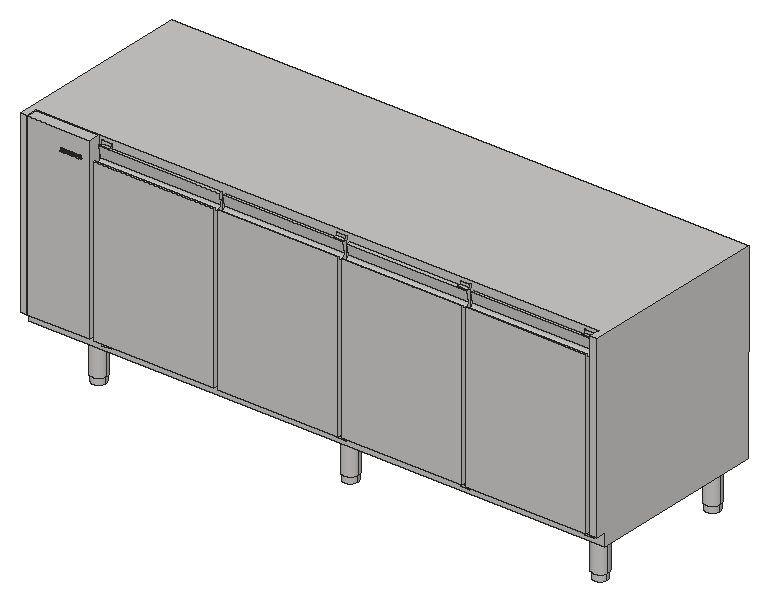
Revit family "QF_ALPENINOX_712272_AH4R8AAAA", category Specialty Equipment, Revit 2018
Family settings
  Round Connector Dimension = Use Diameter
  Part Type = Normal
  Work Plane-Based = No
  Always vertical = Yes
  Cut with Voids When Loaded = No
  Shared = No
  Room Calculation Point = No
Parameters
  Weight = 0.00 kg
  Watts = 0.00278709 W
  Volts = 220 V
  URL Manufacturer = "http://www.alpeninox.com/"
  URL = "http://www.alpeninox.com/"
  Steam Supply Size = 0 mm
  Steam Supply Minimum Pressure = 0.0 Pa
  Steam Supply Maximum Pressure = 0.0 Pa
  Steam Pounds per Hour = 0
  Show Logo [instance] = yes
  Show Clearance [instance] = yes
  Refrigeration Suction Line Size = 0 mm
  Refrigeration Liquid Line Size = 0 mm
  Refrigerant Compressor Remote = yes
  Manufacturer = "Alpeninox"
  Phase = 1
  Model = "AH4R8AAAA"
  Length Actual = 2111 mm  # constant formula
  Item Number = "712272"
  Hot Water Size = 0 mm
  Height Actual = 850 mm  # constant formula
  HP = "0 HP"
  Gas Size = 0 mm
  Gas KW = 0
  Gas Input Pressure = 0 W
  Description = "4DOORS REFRIGER.TABLE 590L- NO TOP - REM"
  Depth Actual = 700 mm  # constant formula
  Cycle = 0 Hz
  Condensate Return Size = 0 mm
  Compressed Air Volume = 0.0 L/s
  Compressed Air Size = 0 mm
  Compressed Air Pressure = 0.0 Pa
  Cold Water Size = 0 mm
  Accessory = yes
Reference planes
  plane 1 "Center X": y = 182.5
  plane 2: z = 0
  plane 3 "Center Y": x = 396.5
  plane 4: y = -62.5
  plane 5: y = 451.5
  plane 6 "BACK": y = 532.5
  plane 7 "FRONT": y = -167.5
  plane 8: x = -452
  plane 9: x = 1386
  plane 10: z = 150
  plane 11 "TOP": z = 900
  plane 12: z = 850
  plane 13 "LEFT": x = -659
  plane 14 "RIGHT": x = 1452
  plane 15: x = 471
Forms (mm)
  Extrusion 1, solid, material "QF_Finishes_Stainless Steel"
    sketch origin (396.5, 2, 0) x (0, 1, 0) y (0, 0, 1)
      loop
        line (530.5, 150) -> (530.5, 850) -> (-124.5, 850) -> (-124.5, 150) -> (530.5, 150)
    from -1055.5 to 1055.5
  Extrusion 2, solid, material "QF_Finishes_Stainless Steel"
    sketch origin (-1022.223, -1524, 150) x (-1, 0, 0) y (0, -1, 0)
      loop
        line (-363.223, -1361.5) -> (-388.223, -1361.5) -> (-388.223, -1401.5) -> (-363.223, -1401.5) -> (-363.223, -1361.5)
      loop
        line (-2474.223, -1401.5) -> (-2449.223, -1401.5) -> (-2449.223, -1361.5) -> (-2474.223, -1361.5) -> (-2474.223, -1401.5)
    from 47 to 700
  Extrusion 3, solid, material "QF_Finishes_Stainless Steel"
    sketch origin (0, 0, 900) x (-1, 0, 0) y (0, -1, 0)
      loop
        circle (-965, -94.5) r 8.45
      loop
        circle (-57, -94.5) r 8.45
    from -790.577 to -750
  Extrusion 4, solid, material "QF_Finishes_Stainless Steel"
    sketch origin (0, 0, 0) x (1, 0, 0) y (0, 1, 0)
      loop
        circle (-594, 207.5) r 8.45
    from 127.77 to 150
  Extrusion 5, solid, material "QF_Finishes_Stainless Steel"
    sketch origin (0, 0, 0) x (1, 0, 0) y (0, 1, 0)
      loop
        circle (-578, 162.5) r 4.75
    from 347 to 367
  Extrusion 6, solid, material "QF_Finishes_Stainless Steel"
    sketch origin (0, 0, 0) x (1, 0, 0) y (0, 1, 0)
      loop
        circle (-531, 4.5) r 4
    from 709 to 729
  Extrusion 7, solid, material "QF_Finishes_Stainless Steel"
    sketch origin (0, 0, 0) x (1, 0, 0) y (0, 1, 0)
      loop
        circle (-553, 159.5) r 4
    from 397 to 417
Cuts and joins
  joined: Extrusion 1, Extrusion 2
Lines and regions (mm)
  symbolic lines, style "SpecialityEquipmentHiddenLines"
    curve 1: line (-659, -122.5, 900) -> (1452, -122.5, 900)
    curve 2: line (-396, -162.5, 900) -> (-396, -122.5, 900)
    curve 3: line (-659, 532.5, 900) -> (1452, 532.5, 900)
    curve 4: line (-659, 532.5, 900) -> (-659, -162.5, 900)
    curve 5: line (-659, -162.5, 900) -> (1452, -162.5, 900)
    curve 6: line (1452, -162.5, 900) -> (1452, 532.5, 900)
Dimensions and locks
  locked: plane 6 "BACK" to plane 7 "FRONT" at 700
  equal spacing: plane 6 "BACK", plane 1 "Center X", plane 7 "FRONT"
  locked: plane 6 "BACK" to plane 5 at 81
  plane 10 to level = 150 mm
  plane 11 "TOP" to plane 12 to plane 10 = 50 mm locked, 700 mm locked
  locked: Extrusion 2 sketch curve to Extrusion 2 sketch curve at 25  (x2)
  locked: plane 4 to plane 7 "FRONT" at 105
  locked: plane 6 "BACK" to Extrusion 3 sketch curve at 438  (x2)
  equal spacing: plane 13 "LEFT", plane 3 "Center Y", plane 14 "RIGHT"
  plane 13 "LEFT" to plane 14 "RIGHT" = 2111 mm
  locked: plane 13 "LEFT" to plane 8 at 207
  plane 15 to plane 9 to plane 14 "RIGHT" = 915 mm locked, 66 mm locked
  Extrusion 3 sketch curve to Extrusion 3 sketch curve to plane 14 "RIGHT" = 908 mm locked, 487 mm locked
  plane 6 "BACK" to Extrusion 4 sketch curve = 325 mm
  locked: plane 13 "LEFT" to Extrusion 4 sketch curve at 65
  locked: plane 13 "LEFT" to Extrusion 7 sketch curve at 106
  locked: plane 6 "BACK" to Extrusion 7 sketch curve at 373
  locked: plane 6 "BACK" to Extrusion 5 sketch curve at 370
  locked: plane 13 "LEFT" to Extrusion 5 sketch curve at 81
  plane 13 "LEFT" to Extrusion 6 sketch curve = 128 mm
  plane 6 "BACK" to Extrusion 6 sketch curve = 528 mm
  locked: plane 10 to Extrusion 4 at 22.23
  cut or joined group of Extrusion 1, Extrusion 2 to Extrusion 5 to Extrusion 5 to Extrusion 7 to Extrusion 7 to Extrusion 6 to Extrusion 6 = 197 mm locked, 20 mm locked, 30 mm locked, 20 mm locked, 292 mm locked, 20 mm locked
  aligned and locked: level to plane 2
  aligned and locked: plane 10 to Extrusion 3
  aligned and locked: nested 4 to plane 4
  aligned and locked: nested 1 to plane 4
  aligned and locked: nested 3 to plane 5
  aligned and locked: nested 2 to plane 5
  aligned and locked: plane 8 to nested 1
  aligned and locked: plane 8 to nested 2
  aligned and locked: plane 9 to nested 4
  aligned and locked: plane 9 to nested 3
  aligned and locked: Extrusion 1 to Extrusion 2
  aligned and locked: Extrusion 2 to Extrusion 1
  aligned and locked: Extrusion 2 sketch curve to plane 14 "RIGHT"
  aligned and locked: plane 13 "LEFT" to Extrusion 2 sketch curve
  aligned and locked: cut or joined group of Extrusion 1, Extrusion 2 to plane 10
  aligned and locked: plane 12 to cut or joined group of Extrusion 1, Extrusion 2
  aligned and locked: plane 10 to Extrusion 4
  aligned and locked: nested 8 to plane 7 "FRONT"
  aligned and locked: plane 14 "RIGHT" to nested 8
  aligned and locked: plane 15 to nested 12
  aligned and locked: plane 15 to nested 11
Automatic sketch dimensions
  plane 7 "FRONT" to Extrusion 2 sketch curve = 45 mm  (x2)
  plane 7 "FRONT" to Extrusion 2 sketch curve = 5 mm  (x2)
  Extrusion 1 sketch curve to plane 10 = 0 mm
  Extrusion 1 sketch curve to plane 12 = 0 mm
  Extrusion 1 sketch curve to plane 6 "BACK" = 0 mm
  plane 7 "FRONT" to Extrusion 1 sketch curve = 45 mm
  plane 6 "BACK" to curve 6 = 0 mm
  curve 6 to plane 14 "RIGHT" = 0 mm
  curve 5 to plane 13 "LEFT" = 0 mm
  plane 7 "FRONT" to curve 5 = 5 mm
  plane 8 to curve 2 = 56 mm
  curve 1 to curve 5 = 40 mm
  radius of Extrusion 4 sketch curve = 8.45 mm
  radius of Extrusion 5 sketch curve = 4.75 mm
  radius of Extrusion 7 sketch curve = 4 mm
  radius of Extrusion 3 sketch curve = 8.45 mm  (x2)
  radius of Extrusion 6 sketch curve = 4 mm
Nested families
  nested 1: "Foot_Ø50_H150" at (-452, -62.5, 0), type "Foot_Ø50_H150"
  nested 2: "Foot_Ø50_H150" at (-452, 451.5, 0), type "Foot_Ø50_H150"
  nested 3: "Foot_Ø50_H150" at (1386, 451.5, 0), type "Foot_Ø50_H150"
  nested 4: "Foot_Ø50_H150" at (1386, -62.5, 0), type "Foot_Ø50_H150"
  nested 5: "ALP_Cooling Unit_Remote" at (-518.5, -164.5, 0), Show Logo <- "Show Logo", type "ALP_Cooling Unit_Remote"
  nested 6: "Door" at (285, -164.5, 0), Show Clearance <- "Show Clearance", type "Door"
  nested 7: "Door" at (-169, -164.5, 0) x (-1, 0, 0) z (0, 0, 1), Show Clearance <- "Show Clearance", type "Door"
  nested 8: "Refrigerator" at (1452, -167.5, 900), type "Refrigerator"
  nested 9: "Door" at (739, -164.5, 0), Show Clearance <- "Show Clearance", type "Door"
  nested 10: "Door" at (1193, -164.5, 0), Show Clearance <- "Show Clearance", type "Door"
  nested 11: "Foot_Ø50_H150" at (471, 451.5, 0), type "Foot_Ø50_H150"
  nested 12: "Foot_Ø50_H150" at (471, -62.5, 0), type "Foot_Ø50_H150"
Connectors
  piping at (-594, 207.5, 127.77), diameter 17
    settings: on Extrusion 4, index 1, connector inside diameter 609.6 mm, connector length 0 mm, flow factor 0, pipe flow 0.0 L/s, pressure drop 0.0 Pa, fitting loss kfactor 0, connector angle 0.00°, fixture units 0, engagement length 0 mm, angle of deflection 0.00°, flow configuration 1, flow direction 2, fitting loss method 0, system type 16, joint type 0, gender type 0, connector reference index -1, connector utility 0, adjustable connector no, is connector primary yes, connector description "Drain"
  piping at (-578, 162.5, 347), diameter 2895.6
    settings: on Extrusion 5, index 2, connector inside diameter 609.6 mm, connector length 0 mm, flow factor 0, pipe flow 0.0 L/s, pressure drop 0.0 Pa, fitting loss kfactor 0, connector angle 0.00°, fixture units 0, engagement length 0 mm, angle of deflection 0.00°, flow configuration 1, flow direction 2, fitting loss method 0, system type 8, joint type 0, gender type 0, connector reference index -1, connector utility 0, adjustable connector no, is connector primary no, connector description "Refrigerant Outlet"
  piping at (-553, 159.5, 397), diameter 2438.4
    settings: on Extrusion 7, index 3, connector inside diameter 609.6 mm, connector length 0 mm, flow factor 0, pipe flow 0.0 L/s, pressure drop 0.0 Pa, fitting loss kfactor 0, connector angle 0.00°, fixture units 0, engagement length 0 mm, angle of deflection 0.00°, flow configuration 1, flow direction 1, fitting loss method 0, system type 7, joint type 0, gender type 0, connector reference index -1, connector utility 0, adjustable connector no, is connector primary no, connector description "Refrigerant Inlet"
  electrical at (-531, 4.5, 709)
    settings: on Extrusion 6, index 4, voltage 0 V, apparent load 0 VA, apparent load phase1 0 VA, apparent load phase2 0 VA, apparent load phase3 0 VA, power factor 1, load classification "Altro", number of poles 1, system type 30, power factor state 1, is connector primary yes, connector utility no, sub classification motor no, connector description "Electrical Connection"
  piping at (965, 94.5, 109.423), diameter 17
    settings: on Extrusion 3, index 5, connector inside diameter 609.6 mm, connector length 0 mm, flow factor 0, pipe flow 0.0 L/s, pressure drop 0.0 Pa, fitting loss kfactor 0, connector angle 0.00°, fixture units 0, engagement length 0 mm, angle of deflection 0.00°, flow configuration 1, flow direction 2, fitting loss method 0, system type 16, joint type 0, gender type 0, connector reference index -1, connector utility 0, adjustable connector no, is connector primary no, connector description "Drain"
  piping at (57, 94.5, 109.423), diameter 17
    settings: on Extrusion 3, index 6, connector inside diameter 609.6 mm, connector length 0 mm, flow factor 0, pipe flow 0.0 L/s, pressure drop 0.0 Pa, fitting loss kfactor 0, connector angle 0.00°, fixture units 0, engagement length 0 mm, angle of deflection 0.00°, flow configuration 1, flow direction 2, fitting loss method 0, system type 16, joint type 0, gender type 0, connector reference index -1, connector utility 0, adjustable connector no, is connector primary no, connector description "Drain"
Definition of nested family "Foot_Ø50_H150"
  Reference planes
    plane 1 "Centro (Fronte/Retro)": y = 0
    plane 2: z = 0
    plane 3 "Centro (Sinistra/Destra)": x = 0
    plane 4: z = 150
  Forms (mm)
    Revolve 1, solid
      sketch origin (255.05, 0, 608.09) x (0, 0, 1) y (-1, 0, 0)
        loop
          line (-608.09, 255.05) -> (-608.09, 230.05) -> (-583.09, 230.05) -> (-583.09, 226.05) -> (-458.09, 226.05) -> (-458.09, 255.05) -> (-608.09, 255.05)
        axis (-608.09, 255.05) -> (-458.09, 255.05)
      angle from 0 to 360
  Dimensions and locks
    locked: Revolve 1 sketch curve to Revolve 1 sketch curve at 125
    aligned and locked: level to plane 2
    aligned and locked: plane 4 to Revolve 1 sketch curve
    aligned and locked: Revolve 1 sketch curve to level
    aligned and locked: plane 3 "Centro (Sinistra/Destra)" to Revolve 1 sketch curve
Definition of nested family "ALP_Cooling Unit_Remote"
  Parameters
    Show Logo [instance] = yes
  Reference planes
    plane 1 "FRONT": y = -3
    plane 2: z = 0
    plane 3 "Centro (Sinistra/Destra)": x = 0
    plane 4: z = 150
    plane 5: z = 850
    plane 6: x = -115.5
    plane 7: x = 115.5
  Forms (mm)
    Extrusion 1, solid
      sketch origin (0, 55, 511) x (0, 0, 1) y (0, -1, 0)
        loop
          line (-314, 53) -> (-314, 13) -> (339, 13) -> (339, 53) -> (-314, 53)
      from -115.5 to 115.5
  Lines and regions (mm)
    Split face 1
      outline origin (0, 2, 197) x (0, 0, 1) y (-1, 0, 0)
        loop
          line (622.361, 88.738) -> (620.361, 90.738) -> (551.361, 90.738) -> (549.361, 88.738) -> (549.361, -88.738) -> (551.361, -90.738) -> (620.361, -90.738) -> (622.361, -88.738) -> (622.361, 88.738)
    Split face 2
      outline origin (0, 2, 197) x (0, 0, 1) y (-1, 0, 0)
        loop
          line (617.361, 90.738) -> (617.361, -90.738)
        loop
          line (554.361, 90.738) -> (554.361, -90.738)
    Split face 3
      outline origin (0, 2, 197) x (0, 0, 1) y (-1, 0, 0)
        loop
          line (615.361, 90.738) -> (615.361, -90.738)
        loop
          line (556.361, 90.738) -> (556.361, -90.738)
    Split face 4
      outline origin (0, 2, 197) x (0, 0, 1) y (-1, 0, 0)
        loop
          line (594.861, 71.967) -> (576.861, 71.967) -> (576.861, 6.967) -> (594.861, 6.967) -> (594.861, 71.967)
  Dimensions and locks
    aligned and locked: level to plane 2
  Nested families
    nested 1: "ALP_Logo_XS" at (45.369, 2, 782.861) x (1, 0, 0) z (0, -1, 0), visible <- "Show Logo", type "ALP_Logo_XS"
  Definition of nested family "ALP_Logo_XS"
    Parameters
      Default Elevation = 0 mm
    Reference planes
      plane 1 "Centro (Fronte/Retro)": y = 0
      plane 2: z = 0
      plane 3 "Centro (Sinistra/Destra)": x = 0
    Forms (mm)
      Extrusion 1, solid
        sketch origin (0, 0, 0) x (1, 0, 0) y (0, 1, 0)
          loop
            line (-1219.2, 1219.2) -> (-1219.2, -1219.2) -> (1219.2, -1219.2) -> (1219.2, 1219.2) -> (-1219.2, 1219.2)
        from 0 to -304.8
      Extrusion 2, solid
        sketch origin (17.793, -46.218, 0) x (-1, 0, 0) y (0, -1, 0)
          loop
            arc (56.029, -42.55) -> (55.919, -41.581) -> (55.073, -41.095) r 1.08
            line (55.073, -41.095) -> (54.045, -41.845) -> (53.618, -43.159) -> (49.653, -43.159) -> (49.224, -41.83) -> (48.183, -41.095)
            arc (48.183, -41.095) -> (47.402, -41.616) -> (47.313, -42.55) r 1.094
            line (47.313, -42.55) -> (50.109, -50.245)
            spline (50.109, -50.245) -> (50.175, -50.41) -> (50.254, -50.567) -> (50.343, -50.714) -> (50.444, -50.85) -> (50.556, -50.974) -> (50.679, -51.085) -> (50.813, -51.182) -> (50.957, -51.264) -> (51.112, -51.329) -> (51.277, -51.377) -> (51.452, -51.407) -> (51.636, -51.417)
            spline (51.636, -51.417) -> (51.814, -51.407) -> (51.984, -51.375) -> (52.146, -51.325) -> (52.3, -51.258) -> (52.445, -51.174) -> (52.58, -51.075) -> (52.705, -50.962) -> (52.819, -50.837) -> (52.923, -50.702) -> (53.015, -50.557) -> (53.095, -50.405) -> (53.163, -50.245)
            line (53.163, -50.245) -> (56.029, -42.55)
          loop
            line (53.005, -45.11) -> (50.294, -45.11) -> (51.633, -49.253) -> (53.005, -45.11)
          loop
            spline (46.282, -42.339) -> (46.273, -42.168) -> (46.248, -42.008) -> (46.207, -41.86) -> (46.149, -41.725) -> (46.077, -41.602) -> (45.989, -41.494) -> (45.886, -41.401) -> (45.77, -41.323) -> (45.64, -41.261) -> (45.496, -41.216) -> (45.339, -41.189) -> (45.17, -41.179)
            line (45.17, -41.179) -> (41.605, -41.179)
            spline (41.605, -41.179) -> (41.453, -41.189) -> (41.312, -41.216) -> (41.183, -41.26) -> (41.065, -41.318) -> (40.959, -41.389) -> (40.866, -41.471) -> (40.784, -41.563) -> (40.716, -41.664) -> (40.661, -41.77) -> (40.619, -41.882) -> (40.591, -41.997) -> (40.577, -42.113)
            spline (40.577, -42.113) -> (40.581, -42.234) -> (40.598, -42.356) -> (40.63, -42.475) -> (40.676, -42.591) -> (40.737, -42.7) -> (40.813, -42.802) -> (40.904, -42.894) -> (41.012, -42.973) -> (41.135, -43.039) -> (41.275, -43.088) -> (41.431, -43.119) -> (41.605, -43.13)
            line (41.605, -43.13) -> (44.143, -43.13) -> (44.143, -50.23)
            spline (44.143, -50.23) -> (44.152, -50.4) -> (44.18, -50.557) -> (44.224, -50.701) -> (44.284, -50.83) -> (44.359, -50.946) -> (44.448, -51.047) -> (44.55, -51.133) -> (44.663, -51.204) -> (44.787, -51.26) -> (44.921, -51.301) -> (45.064, -51.325) -> (45.214, -51.333)
            spline (45.214, -51.333) -> (45.363, -51.325) -> (45.506, -51.301) -> (45.639, -51.26) -> (45.763, -51.204) -> (45.876, -51.133) -> (45.977, -51.047) -> (46.066, -50.946) -> (46.141, -50.83) -> (46.201, -50.701) -> (46.245, -50.557) -> (46.272, -50.4) -> (46.282, -50.23)
            line (46.282, -50.23) -> (46.282, -42.339)
          loop
            spline (39.662, -42.198) -> (39.653, -42.028) -> (39.625, -41.871) -> (39.581, -41.727) -> (39.521, -41.598) -> (39.446, -41.482) -> (39.357, -41.381) -> (39.255, -41.295) -> (39.142, -41.224) -> (39.018, -41.168) -> (38.884, -41.128) -> (38.742, -41.103) -> (38.593, -41.095)
            spline (38.593, -41.095) -> (38.443, -41.103) -> (38.3, -41.128) -> (38.167, -41.168) -> (38.043, -41.224) -> (37.93, -41.295) -> (37.829, -41.381) -> (37.74, -41.482) -> (37.665, -41.598) -> (37.605, -41.727) -> (37.561, -41.871) -> (37.534, -42.028) -> (37.524, -42.198)
            line (37.524, -42.198) -> (37.524, -44.517) -> (35.94, -44.517)
            spline (35.94, -44.517) -> (35.46, -44.544) -> (34.998, -44.622) -> (34.559, -44.75) -> (34.147, -44.927) -> (33.768, -45.15) -> (33.424, -45.418) -> (33.122, -45.73) -> (32.864, -46.082) -> (32.656, -46.474) -> (32.502, -46.904) -> (32.407, -47.369) -> (32.374, -47.87)
            spline (32.374, -47.87) -> (32.406, -48.361) -> (32.499, -48.822) -> (32.65, -49.25) -> (32.855, -49.644) -> (33.11, -50) -> (33.413, -50.317) -> (33.76, -50.592) -> (34.147, -50.822) -> (34.57, -51.005) -> (35.027, -51.139) -> (35.513, -51.221) -> (36.026, -51.249)
            line (36.026, -51.249) -> (38.548, -51.249)
            spline (38.548, -51.249) -> (38.72, -51.24) -> (38.879, -51.213) -> (39.023, -51.17) -> (39.154, -51.11) -> (39.271, -51.036) -> (39.373, -50.946) -> (39.46, -50.843) -> (39.532, -50.727) -> (39.588, -50.598) -> (39.629, -50.458) -> (39.654, -50.306) -> (39.662, -50.145)
            line (39.662, -50.145) -> (39.662, -42.198)
          loop
            line (37.524, -49.381) -> (37.524, -46.382) -> (36.065, -46.382)
            spline (36.065, -46.382) -> (35.848, -46.396) -> (35.645, -46.435) -> (35.458, -46.498) -> (35.287, -46.583) -> (35.132, -46.689) -> (34.996, -46.814) -> (34.878, -46.958) -> (34.78, -47.117) -> (34.702, -47.29) -> (34.645, -47.477) -> (34.61, -47.675) -> (34.599, -47.882)
            spline (34.599, -47.882) -> (34.61, -48.09) -> (34.645, -48.288) -> (34.702, -48.474) -> (34.78, -48.648) -> (34.878, -48.807) -> (34.996, -48.95) -> (35.132, -49.075) -> (35.287, -49.181) -> (35.458, -49.266) -> (35.645, -49.329) -> (35.848, -49.368) -> (36.065, -49.381)
            line (36.065, -49.381) -> (37.524, -49.381)
          loop
            spline (23.911, -45.178) -> (23.6, -45.189) -> (23.319, -45.221) -> (23.07, -45.274) -> (22.85, -45.346) -> (22.659, -45.437) -> (22.496, -45.545) -> (22.36, -45.67) -> (22.251, -45.81) -> (22.167, -45.965) -> (22.109, -46.133) -> (22.074, -46.314) -> (22.063, -46.506)
            spline (22.063, -46.506) -> (22.102, -47.066) -> (22.218, -47.632) -> (22.407, -48.193) -> (22.666, -48.74) -> (22.993, -49.263) -> (23.383, -49.749) -> (23.833, -50.189) -> (24.34, -50.573) -> (24.901, -50.89) -> (25.513, -51.129) -> (26.173, -51.281) -> (26.876, -51.333)
            spline (26.876, -51.333) -> (27.564, -51.284) -> (28.212, -51.14) -> (28.817, -50.909) -> (29.374, -50.599) -> (29.881, -50.217) -> (30.332, -49.772) -> (30.725, -49.271) -> (31.055, -48.721) -> (31.318, -48.131) -> (31.511, -47.508) -> (31.63, -46.859) -> (31.67, -46.193)
            spline (31.67, -46.193) -> (31.629, -45.477) -> (31.508, -44.798) -> (31.31, -44.16) -> (31.039, -43.568) -> (30.698, -43.027) -> (30.291, -42.543) -> (29.821, -42.119) -> (29.292, -41.762) -> (28.707, -41.475) -> (28.07, -41.265) -> (27.385, -41.135) -> (26.653, -41.09)
            spline (26.653, -41.09) -> (26.149, -41.112) -> (25.639, -41.177) -> (25.132, -41.281) -> (24.637, -41.419) -> (24.165, -41.589) -> (23.724, -41.786) -> (23.325, -42.006) -> (22.977, -42.247) -> (22.689, -42.505) -> (22.472, -42.775) -> (22.335, -43.053) -> (22.287, -43.337)
            spline (22.287, -43.337) -> (22.293, -43.479) -> (22.313, -43.618) -> (22.346, -43.753) -> (22.392, -43.881) -> (22.451, -44) -> (22.521, -44.11) -> (22.604, -44.208) -> (22.698, -44.292) -> (22.804, -44.36) -> (22.921, -44.412) -> (23.05, -44.444) -> (23.188, -44.456)
            spline (23.188, -44.456) -> (23.413, -44.429) -> (23.628, -44.352) -> (23.84, -44.236) -> (24.057, -44.091) -> (24.285, -43.927) -> (24.531, -43.753) -> (24.801, -43.58) -> (25.102, -43.417) -> (25.441, -43.275) -> (25.824, -43.165) -> (26.258, -43.095) -> (26.75, -43.076)
            spline (26.75, -43.076) -> (27.057, -43.097) -> (27.356, -43.149) -> (27.643, -43.23) -> (27.916, -43.341) -> (28.172, -43.479) -> (28.409, -43.645) -> (28.624, -43.837) -> (28.815, -44.056) -> (28.978, -44.3) -> (29.111, -44.569) -> (29.211, -44.862) -> (29.276, -45.178)
            line (29.276, -45.178) -> (23.911, -45.178)
          loop
            line (29.332, -47.164) -> (24.402, -47.164)
            spline (24.402, -47.164) -> (24.458, -47.453) -> (24.55, -47.736) -> (24.676, -48.011) -> (24.833, -48.274) -> (25.018, -48.52) -> (25.228, -48.746) -> (25.461, -48.947) -> (25.715, -49.121) -> (25.985, -49.263) -> (26.271, -49.369) -> (26.569, -49.435) -> (26.876, -49.458)
            spline (26.876, -49.458) -> (27.172, -49.434) -> (27.462, -49.366) -> (27.743, -49.257) -> (28.013, -49.112) -> (28.266, -48.936) -> (28.501, -48.731) -> (28.714, -48.504) -> (28.902, -48.257) -> (29.061, -47.995) -> (29.188, -47.723) -> (29.279, -47.444) -> (29.332, -47.164)
          loop
            spline (20.938, -42.198) -> (20.929, -42.028) -> (20.901, -41.871) -> (20.857, -41.727) -> (20.796, -41.597) -> (20.721, -41.482) -> (20.632, -41.381) -> (20.53, -41.295) -> (20.416, -41.224) -> (20.292, -41.168) -> (20.158, -41.127) -> (20.016, -41.103) -> (19.866, -41.095)
            spline (19.866, -41.095) -> (19.716, -41.103) -> (19.574, -41.127) -> (19.441, -41.168) -> (19.317, -41.224) -> (19.204, -41.295) -> (19.102, -41.381) -> (19.013, -41.482) -> (18.938, -41.597) -> (18.878, -41.727) -> (18.834, -41.871) -> (18.806, -42.028) -> (18.797, -42.198)
            line (18.797, -42.198) -> (18.797, -47.511) -> (14.246, -41.561) -> (13.347, -41.095)
            spline (13.347, -41.095) -> (13.197, -41.103) -> (13.055, -41.127) -> (12.921, -41.168) -> (12.797, -41.224) -> (12.684, -41.295) -> (12.582, -41.381) -> (12.494, -41.482) -> (12.418, -41.597) -> (12.358, -41.727) -> (12.314, -41.871) -> (12.287, -42.028) -> (12.277, -42.198)
            line (12.277, -42.198) -> (12.277, -50.23)
            spline (12.277, -50.23) -> (12.287, -50.4) -> (12.314, -50.557) -> (12.358, -50.701) -> (12.418, -50.83) -> (12.494, -50.946) -> (12.582, -51.047) -> (12.684, -51.133) -> (12.797, -51.204) -> (12.921, -51.26) -> (13.055, -51.301) -> (13.197, -51.325) -> (13.347, -51.333)
            spline (13.347, -51.333) -> (13.497, -51.325) -> (13.639, -51.301) -> (13.773, -51.26) -> (13.897, -51.204) -> (14.011, -51.133) -> (14.113, -51.047) -> (14.202, -50.946) -> (14.277, -50.83) -> (14.337, -50.701) -> (14.381, -50.557) -> (14.408, -50.4) -> (14.418, -50.23)
            line (14.418, -50.23) -> (14.418, -44.847) -> (18.968, -50.865) -> (19.866, -51.333)
            spline (19.866, -51.333) -> (20.016, -51.325) -> (20.158, -51.301) -> (20.292, -51.26) -> (20.416, -51.204) -> (20.53, -51.133) -> (20.632, -51.047) -> (20.721, -50.946) -> (20.796, -50.83) -> (20.857, -50.701) -> (20.901, -50.557) -> (20.929, -50.4) -> (20.938, -50.23)
            line (20.938, -50.23) -> (20.938, -42.198)
          loop
            spline (10.94, -42.198) -> (10.93, -42.028) -> (10.903, -41.871) -> (10.859, -41.727) -> (10.799, -41.597) -> (10.724, -41.482) -> (10.635, -41.381) -> (10.533, -41.295) -> (10.42, -41.224) -> (10.296, -41.168) -> (10.162, -41.127) -> (10.019, -41.103) -> (9.869, -41.095)
            spline (9.869, -41.095) -> (9.719, -41.103) -> (9.577, -41.127) -> (9.443, -41.168) -> (9.319, -41.224) -> (9.206, -41.295) -> (9.105, -41.381) -> (9.016, -41.482) -> (8.941, -41.597) -> (8.881, -41.727) -> (8.837, -41.871) -> (8.81, -42.028) -> (8.8, -42.198)
            line (8.8, -42.198) -> (8.8, -50.23)
            spline (8.8, -50.23) -> (8.81, -50.4) -> (8.837, -50.557) -> (8.881, -50.701) -> (8.941, -50.83) -> (9.016, -50.946) -> (9.105, -51.047) -> (9.206, -51.133) -> (9.319, -51.204) -> (9.443, -51.26) -> (9.577, -51.301) -> (9.719, -51.325) -> (9.869, -51.333)
            spline (9.869, -51.333) -> (10.019, -51.325) -> (10.162, -51.301) -> (10.296, -51.26) -> (10.42, -51.204) -> (10.533, -51.133) -> (10.635, -51.047) -> (10.724, -50.946) -> (10.799, -50.83) -> (10.859, -50.701) -> (10.903, -50.557) -> (10.93, -50.4) -> (10.94, -50.23)
            line (10.94, -50.23) -> (10.94, -42.198)
          loop
            spline (7.462, -42.198) -> (7.452, -42.028) -> (7.425, -41.871) -> (7.381, -41.727) -> (7.321, -41.597) -> (7.246, -41.482) -> (7.157, -41.381) -> (7.055, -41.295) -> (6.942, -41.224) -> (6.818, -41.168) -> (6.685, -41.127) -> (6.542, -41.103) -> (6.393, -41.095)
            spline (6.393, -41.095) -> (6.243, -41.103) -> (6.1, -41.127) -> (5.966, -41.168) -> (5.842, -41.224) -> (5.729, -41.295) -> (5.627, -41.381) -> (5.538, -41.482) -> (5.463, -41.597) -> (5.402, -41.727) -> (5.358, -41.871) -> (5.331, -42.028) -> (5.321, -42.198)
            line (5.321, -42.198) -> (5.321, -47.511) -> (0.771, -41.561) -> (-0.128, -41.095)
            spline (-0.128, -41.095) -> (-0.278, -41.103) -> (-0.42, -41.127) -> (-0.554, -41.168) -> (-0.678, -41.224) -> (-0.791, -41.295) -> (-0.893, -41.381) -> (-0.982, -41.482) -> (-1.057, -41.597) -> (-1.117, -41.727) -> (-1.162, -41.871) -> (-1.189, -42.028) -> (-1.199, -42.198)
            line (-1.199, -42.198) -> (-1.199, -50.23)
            spline (-1.199, -50.23) -> (-1.189, -50.4) -> (-1.162, -50.557) -> (-1.117, -50.701) -> (-1.057, -50.83) -> (-0.982, -50.946) -> (-0.893, -51.047) -> (-0.791, -51.133) -> (-0.678, -51.204) -> (-0.554, -51.26) -> (-0.42, -51.301) -> (-0.278, -51.325) -> (-0.128, -51.333)
            spline (-0.128, -51.333) -> (0.022, -51.325) -> (0.164, -51.301) -> (0.298, -51.26) -> (0.422, -51.204) -> (0.536, -51.133) -> (0.637, -51.047) -> (0.726, -50.946) -> (0.801, -50.83) -> (0.861, -50.701) -> (0.905, -50.557) -> (0.932, -50.4) -> (0.942, -50.23)
            line (0.942, -50.23) -> (0.942, -44.847) -> (5.493, -50.865) -> (6.393, -51.333)
            spline (6.393, -51.333) -> (6.542, -51.325) -> (6.685, -51.301) -> (6.818, -51.26) -> (6.942, -51.204) -> (7.055, -51.133) -> (7.157, -51.047) -> (7.246, -50.946) -> (7.321, -50.83) -> (7.381, -50.701) -> (7.425, -50.557) -> (7.452, -50.4) -> (7.462, -50.23)
            line (7.462, -50.23) -> (7.462, -42.198)
          loop
            spline (-7.232, -41.01) -> (-7.943, -41.056) -> (-8.611, -41.192) -> (-9.232, -41.411) -> (-9.803, -41.709) -> (-10.321, -42.078) -> (-10.782, -42.514) -> (-11.181, -43.011) -> (-11.516, -43.564) -> (-11.783, -44.166) -> (-11.978, -44.812) -> (-12.097, -45.497) -> (-12.138, -46.214)
            spline (-12.138, -46.214) -> (-12.096, -46.919) -> (-11.974, -47.596) -> (-11.774, -48.238) -> (-11.503, -48.839) -> (-11.163, -49.393) -> (-10.76, -49.893) -> (-10.297, -50.333) -> (-9.778, -50.707) -> (-9.208, -51.008) -> (-8.591, -51.231) -> (-7.931, -51.37) -> (-7.232, -51.417)
            spline (-7.232, -51.417) -> (-6.524, -51.371) -> (-5.858, -51.236) -> (-5.238, -51.018) -> (-4.666, -50.722) -> (-4.148, -50.353) -> (-3.687, -49.918) -> (-3.286, -49.422) -> (-2.95, -48.87) -> (-2.682, -48.267) -> (-2.486, -47.62) -> (-2.366, -46.934) -> (-2.325, -46.214)
            spline (-2.325, -46.214) -> (-2.366, -45.497) -> (-2.487, -44.812) -> (-2.684, -44.166) -> (-2.953, -43.564) -> (-3.29, -43.011) -> (-3.692, -42.514) -> (-4.154, -42.078) -> (-4.672, -41.709) -> (-5.243, -41.411) -> (-5.862, -41.192) -> (-6.527, -41.056) -> (-7.232, -41.01)
          loop
            spline (-7.232, -42.962) -> (-7.665, -42.993) -> (-8.059, -43.083) -> (-8.414, -43.227) -> (-8.731, -43.422) -> (-9.01, -43.661) -> (-9.251, -43.941) -> (-9.454, -44.257) -> (-9.62, -44.605) -> (-9.748, -44.979) -> (-9.839, -45.374) -> (-9.894, -45.788) -> (-9.912, -46.214)
            spline (-9.912, -46.214) -> (-9.894, -46.637) -> (-9.837, -47.049) -> (-9.744, -47.444) -> (-9.614, -47.818) -> (-9.446, -48.165) -> (-9.241, -48.482) -> (-8.998, -48.763) -> (-8.719, -49.003) -> (-8.403, -49.198) -> (-8.049, -49.344) -> (-7.659, -49.434) -> (-7.232, -49.466)
            spline (-7.232, -49.466) -> (-6.804, -49.434) -> (-6.414, -49.344) -> (-6.06, -49.198) -> (-5.743, -49.003) -> (-5.464, -48.763) -> (-5.222, -48.482) -> (-5.017, -48.165) -> (-4.849, -47.818) -> (-4.718, -47.444) -> (-4.625, -47.049) -> (-4.568, -46.637) -> (-4.55, -46.214)
            spline (-4.55, -46.214) -> (-4.568, -45.788) -> (-4.623, -45.374) -> (-4.714, -44.979) -> (-4.842, -44.605) -> (-5.008, -44.257) -> (-5.211, -43.941) -> (-5.452, -43.661) -> (-5.731, -43.422) -> (-6.048, -43.227) -> (-6.404, -43.083) -> (-6.798, -42.993) -> (-7.232, -42.962)
          loop
            arc (-12.168, -42.806) -> (-12.411, -41.323) -> (-13.895, -41.561) r 1.064
            line (-13.895, -41.561) -> (-16.234, -44.786) -> (-18.574, -41.561)
            arc (-18.574, -41.561) -> (-20.072, -41.304) -> (-20.3, -42.806) r 1.064
            line (-20.3, -42.806) -> (-17.477, -46.566) -> (-19.787, -49.678)
            arc (-19.787, -49.678) -> (-19.432, -51.089) -> (-18.004, -50.81) r 1.057
            line (-18.004, -50.81) -> (-16.234, -48.321) -> (-14.389, -50.918)
            arc (-14.389, -50.918) -> (-12.91, -51.16) -> (-12.683, -49.678) r 1.055
            line (-12.683, -49.678) -> (-14.994, -46.566) -> (-12.168, -42.806)
        from 0 to 1.644
    Dimensions and locks
      aligned and locked: plane 2 to Extrusion 1
      aligned and locked: level to Extrusion 1
Definition of nested family "Door"
  Parameters
    Show Clearance [instance] = yes
  Reference planes
    plane 1 "FRONT": y = -3
    plane 2: z = 0
    plane 3 "Centro (Sinistra/Destra)": x = 0
    plane 4: z = 150
    plane 5: z = 850
    plane 6: x = -234
    plane 7: x = 234
    plane 8: x = -220
    plane 9: x = 220
  Forms (mm)
    Extrusion 1, solid
      sketch origin (0, 53, 511) x (0, 0, 1) y (0, -1, 0)
        loop
          line (-323.003, 28.5) -> (-316.501, 28.5) -> (-316.501, 31) -> (-325.503, 31) -> (-325.503, 13.5) -> (-345.503, 13.5) -> (-345.503, 11) -> (-323.003, 11) -> (-323.003, 23.259) -> (-323.003, 28.5)
        loop
          line (-314, 27) -> (-316.501, 27) -> (-316.501, 18.501) -> (-319.752, 18.501) -> (-319.752, 16) -> (-314, 16) -> (-314, 27)
        loop
          line (315.003, 27) -> (315.003, 13.948) -> (315.003, 11) -> (327.503, 11) -> (327.503, 13.5) -> (317.503, 13.5) -> (317.503, 27) -> (315.003, 27)
      from 185 to 220
    Extrusion 2, solid, visible <- "Show Clearance", detail levels coarse
      sketch origin (0, 53, 511) x (0, -1, 0) y (1, 0, 0)
        loop
          line (51, 220) -> (51, -220)
          arc (51, -220) -> (339.234, -79.44) -> (454, 220) r 437.168
          line (454, 220) -> (51, 220)
      from -314 to 314
    Extrusion 3, solid
      sketch origin (0, 55, 511) x (0, 0, 1) y (0, -1, 0)
        loop
          line (314, 18) -> (314, 29) -> (274.395, 22.5)
          arc (274.395, 22.5) -> (260.395, 36.5) -> (274.395, 50.5) r 14
          line (274.395, 50.5) -> (274.395, 53) -> (-314, 53) -> (-314, 18) -> (314, 18)
      from -220 to 220
  Lines and regions (mm)
    symbolic lines
      curve 1: line (220, -3, 0) -> (220, -401, 0)
      curve 2: line (220, -401, 0) -> (185, -401, 0)
      curve 3: line (185, -401, 0) -> (185, -3, 0)
      curve 4: arc (-219.722, -3, 0) -> (-89.51, -275.368, 0) -> (185, -401, 0) r 442.855
  Dimensions and locks
    aligned and locked: level to plane 2
Definition of nested family "Refrigerator"
  Reference planes
    plane 1 "Center (Front/Back)": y = 0
    plane 2: z = 0
    plane 3 "Center (Left/Right)": x = 0
  Lines and regions (mm)
    detail lines, in view "Ref. Level"
      curve 1: spline (-500, 190, 0) -> (-493.185, 166.706, 0) -> (-473.205, 145, 0) -> (-441.421, 126.36, 0) -> (-400, 112.058, 0) -> (-351.764, 103.067, 0) -> (-300, 100, 0) -> (-248.236, 103.067, 0) -> (-200, 112.058, 0) -> (-158.579, 126.36, 0) -> (-126.795, 145, 0) -> (-106.815, 166.706, 0) -> (-100, 190, 0) -> (-106.815, 213.294, 0) -> (-126.795, 235, 0) -> (-158.579, 253.64, 0) -> (-200, 267.942, 0) -> (-248.236, 276.933, 0) -> (-300, 280, 0) -> (-351.764, 276.933, 0) -> (-400, 267.942, 0) -> (-441.421, 253.64, 0) -> (-473.205, 235, 0) -> (-493.185, 213.294, 0) -> (-500, 190, 0)
      curve 2: line (-300, 130, 0) -> (-300, 250, 0)
      curve 3: line (-351.962, 220, 0) -> (-248.038, 160, 0)
      curve 4: line (-351.962, 160, 0) -> (-248.038, 220, 0)
      curve 5: line (-280.884, 246.873, 0) -> (-300, 225, 0)
      curve 6: line (-300, 225, 0) -> (-319.116, 246.873, 0)
      curve 7: line (-330.311, 207.5, 0) -> (-339.696, 234.992, 0)
      curve 8: line (-358.812, 201.882, 0) -> (-330.311, 207.5, 0)
      curve 9: line (-330.311, 172.5, 0) -> (-358.812, 178.118, 0)
      curve 10: line (-339.696, 145.008, 0) -> (-330.311, 172.5, 0)
      curve 11: line (-300, 155, 0) -> (-319.116, 133.127, 0)
      curve 12: line (-280.884, 133.127, 0) -> (-300, 155, 0)
      curve 13: line (-269.689, 172.5, 0) -> (-260.304, 145.008, 0)
      curve 14: line (-241.188, 178.118, 0) -> (-269.689, 172.5, 0)
      curve 15: line (-269.689, 207.5, 0) -> (-241.188, 201.882, 0)
      curve 16: line (-260.304, 234.992, 0) -> (-269.689, 207.5, 0)
